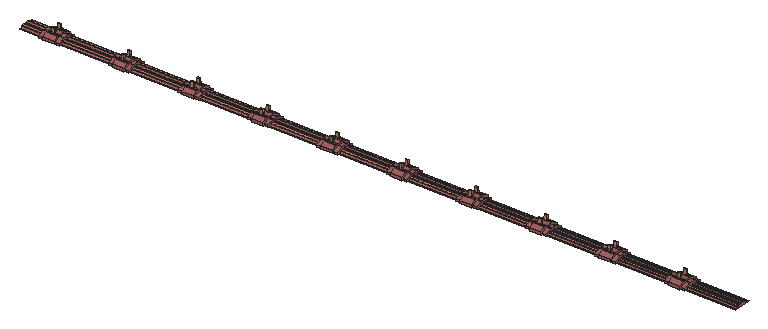
Revit family "BirdControl_Wire_BirdBGone_Jolt2002", category Specialty Equipment, Revit 2019
Family settings
  Round Connector Dimension = Use Diameter
  Part Type = Normal
  OmniClass Number = 23.40.10.14.14.99
  OmniClass Title = Other Manufactured Exterior Specialties
  Cut with Voids When Loaded = No
  Shared = No
  Room Calculation Point = No
Parameters (values of type "Wire System")
  Warranty Duration (Years) = 0
  URL = "http://www.birdbgone.com/"
  Test Data = "http://www.birdbgone.com/bird-control-product-msds"
  Supports_Array [instance] = if(Supports > 1, Supports, 2)  # 10
  Supports [instance] = if(not(Int < Length Div), Int, Int + 1)  # 10
  Spacing = 0' - 7"
  Int [instance] = Length Div  # 10
  Specification = "http://www.arcat.com/sdspecs/htm/10290bir.htm"
  SpecWizard = ""
  Send Message = "http://www.arcat.com/users.pl?action=UserEmail&company=Bird-B-Gone,%20Inc.&coid=38371&rep=147&fax=949-472-3116&mf="
  Sales Information = "http://www.birdbgone.com/bird-control-store/"
  Revision = "R1_10-2010"
  Product Properties = "http://www.arcat.com/bim/bim_info.pl?fn=BirdBGone"
  Product Data = "http://www.arcat.com/arcatcos/cos38/arc38371.html"
  Model = "As Specified in 10 81 19"
  Material = Plastic - Bird B Gone - Polycarbonate - Brick Red
  Manufacturer Website = "http://www.birdbgone.com/"
  Manufacturer Phone - Toll Free = "800-392-6915"
  Manufacturer Phone = "949-472-3122"
  Manufacturer Fax = "949-472-3116"
  Manufacturer Address = "23918 Skyline, Mission Viejo, CA 92692"
  Manufacturer = "Bird-B-Gone, Inc."
  Maintenance Schedule (Months) = 0
  Length Div [instance] = ([built-in parameter 1001306] - 0' 3") / Spacing  # 9.8571
  built-in parameter 1001306 [instance] = 6' - 0"
  Keynote = "10 81 19"
  Installation-Fabrication = "http://www.birdbgone.com/installation-instructions"
  Installation Phase = ""
  Green Building-LEED = "http://www.arcat.com/green/clients/leed_data_38371.html"
  Expected Lifespan (Years) = 0
  Drawn By = "Robert S. Weygant, CSI, CDT, SCIP"
  Description = "Bird Control Equipment as Specified in 10 81 19"
  Copyright = "2010 ARCAT, Inc."
  Construction Details = "http://www.arcat.com/details/birdbgon/birdbgon.html?coid=38371"
  Building Codes = "http://www.birdbgone.com/knowledge-center/"
  Assembly Code = "E1090900"
  Angle_Start [instance] = 0.00°
  Angle_End [instance] = 0.00°
Reference planes (in)
  plane 1 "Center (Front/Back)": y = 0
  plane 2: z = 0
  plane 3 "Left": x = 0
  plane 4 "Right": x = 72
  plane 5 "Wire": z = 1
Forms (in)
  Extrusion 1, void
    sketch origin (0, 0, 0) x (1, 0, 0) y (0, 1, 0)
      loop
        line (72, 1) -> (72, -0.875) -> (85, -0.875) -> (85, 1) -> (72, 1)
    from 0 to 1.38967
  Extrusion 2, void
    sketch origin (0, 0, 0) x (1, 0, 0) y (0, 1, 0)
      loop
        line (-13, 0.89512) -> (-13, -0.82796) -> (0, -0.82796) -> (0, 0.89512) -> (-13, 0.89512)
    from 0 to 1.60875
  Extrusion 3, solid, material "Plastic - Bird B Gone - Polycarbonate - Brick Red" <- "Material"
    sketch origin (0, 0, 0) x (0, 1, 0) y (0, 0, 1)
      loop
        line (-0.8125, 0) -> (0.8125, 0) -> (0.8125, 0.05302)
        arc (0.8125, 0.05302) -> (0.48535, 0.17766) -> (0.14046, 0.23777) r 1.831
        line (0.14046, 0.23777) -> (0.14046, 0.3071)
        arc (0.14046, 0.3071) -> (0, 0.3125) -> (-0.14046, 0.3071) r 1.831
        line (-0.14046, 0.3071) -> (-0.14046, 0.23777)
        arc (-0.14046, 0.23777) -> (-0.48535, 0.17766) -> (-0.8125, 0.05302) r 1.831
        line (-0.8125, 0.05302) -> (-0.8125, 0)
    from -2.40049 to 76.6163
  Extrusion 4, solid, material "Metal - Copper - Bird B Gone"
    sketch origin (0, 0, 0) x (0, 1, 0) y (0, 0, 1)
      loop
        arc (0.36195, 0.20703) -> (0.45768, 0.18504) -> (0.5521, 0.15794) r 1.831
        line (0.5521, 0.15794) -> (0.57274, 0.22062)
        arc (0.57274, 0.22062) -> (0.47505, 0.2498) -> (0.37589, 0.2735) r 1.831
        line (0.37589, 0.2735) -> (0.36195, 0.20703)
      loop
        line (-0.57274, 0.22062) -> (-0.5521, 0.15794)
        arc (-0.5521, 0.15794) -> (-0.45768, 0.18504) -> (-0.36195, 0.20703) r 1.831
        line (-0.36195, 0.20703) -> (-0.37589, 0.2735)
        arc (-0.37589, 0.2735) -> (-0.47505, 0.2498) -> (-0.57274, 0.22062) r 1.831
    from -2.40049 to 76.6163
Cuts and joins
  Extrusion 1, Extrusion 2 cuts Extrusion 3
  Extrusion 1, Extrusion 2 cuts Extrusion 4
Lines and regions (in)
  reference lines
    curve 1: line (0, 0, 0) -> (72, 0, 0)
    curve 2: line (0, 0, 1) -> (0, 1.91806, 1)
    curve 3: line (72, 0, 1) -> (72, 18.5, 1)
Dimensions and locks (in)
  "built-in parameter 1001306": plane 3 "Left" to plane 4 "Right"
  equal spacing: group 1, group 2, group 3, group 4, group 5, group 6, group 7, group 8, group 9, group 10  (x3)
  locked: plane 5 "Wire" to level at 1
  locked: plane 3 "Left" to nested 1 at 3
  locked: plane 4 "Right" to Extrusion 1 sketch curve at 13
  locked: Extrusion 2 sketch curve to plane 3 "Left" at 13
  Extrusion 2 sketch curve to plane 1 "Center (Front/Back)" to Extrusion 2 sketch curve = 0' - 0.82796" locked, 0' - 0.89512" locked
  Extrusion 1 sketch curve to plane 1 "Center (Front/Back)" to Extrusion 1 sketch curve = 0' - 0 7/8" locked, 0' - 1" locked
  locked: plane 4 "Right" to Extrusion 3 at 4.6163
  locked: plane 4 "Right" to Extrusion 4 at 4.6163
  "Spacing": nested 1 to nested 2
  "Angle_End": angle plane 4 "Right" to curve 3
  "Angle_Start": angle plane 3 "Left" to curve 2
  aligned and locked: plane 4 "Right" to curve 1
  aligned and locked: plane 3 "Left" to curve 1
  aligned and locked: Extrusion 1 sketch curve to curve 3
  aligned and locked: Extrusion 2 sketch curve to curve 2
Automatic sketch dimensions
  curve 1 to plane 1 "Center (Front/Back)" = 0' - 0"
  curve 3 to plane 1 "Center (Front/Back)" = 0' - 0"
  curve 3 to plane 4 "Right" = 0' - 0"
  curve 2 to plane 1 "Center (Front/Back)" = 0' - 0"
  curve 2 to plane 3 "Left" = 0' - 0"
  Extrusion 3 sketch curve to Extrusion 3 sketch curve = 0' - 0"  (x2)
  Extrusion 3 sketch curve to level = 0' - 0"
  Extrusion 3 sketch curve to plane 1 "Center (Front/Back)" = 0' - 0"  (x2)
  plane 1 "Center (Front/Back)" to Extrusion 3 sketch curve = 0' - 0.14046"
  Extrusion 3 sketch curve to Extrusion 3 sketch curve = 0' - 0.67204"  (x2)
  Extrusion 3 sketch curve to plane 1 "Center (Front/Back)" = 0' - 0.14046"
  level to Extrusion 3 sketch curve = 0' - 0.05302"
  Extrusion 3 sketch curve to level = 0' - 1.5185"
  Extrusion 3 sketch curve to Extrusion 3 sketch curve = 0' - 0.06934"  (x2)
  Extrusion 3 sketch curve to Extrusion 3 sketch curve = 0' - 0.05302"
  Extrusion 4 sketch curve to Extrusion 4 sketch curve = 0' - 0"  (x4)
  Extrusion 4 sketch curve to plane 1 "Center (Front/Back)" = 0' - 0"  (x2)
  plane 1 "Center (Front/Back)" to Extrusion 4 sketch curve = 0' - 0.36195"
  Extrusion 4 sketch curve to Extrusion 4 sketch curve = 0' - 0.01394"  (x2)
  Extrusion 4 sketch curve to Extrusion 4 sketch curve = 0' - 0.19015"  (x2)
  Extrusion 4 sketch curve to Extrusion 4 sketch curve = 0' - 0.02064"  (x2)
  level to Extrusion 4 sketch curve = 0' - 0 53/256"
  Extrusion 4 sketch curve to plane 1 "Center (Front/Back)" = 0' - 0.36195"
  level to Extrusion 4 sketch curve = 0' - 0.2735"
  level to Extrusion 4 sketch curve = 0' - 0.15794"  (x2)
  level to Extrusion 4 sketch curve = 0' - 0.22062"
  Extrusion 4 sketch curve to Extrusion 4 sketch curve = 0' - 0.06268"
Nested families (in)
  nested 1: "Support_Jolt" at (3, 0, 0) x (0, 1, 0) z (0, 0, 1), Material <- "Material", type "BirdBGone template - Standalone"
    with offset 0' - 0", Unit Height 0' - 0 3/4", Material Plastic - Bird B Gone - Polycarbonate - Brick Red
  nested 2: "Support_Jolt" at (10, 0, 0) x (0, 1, 0) z (0, 0, 1), Material <- "Material", type "BirdBGone template - Standalone"
    with offset 0' - 0", Unit Height 0' - 0 3/4", Material Plastic - Bird B Gone - Polycarbonate - Brick Red
  nested 3: "Support_Jolt" at (17, 0, 0) x (0, 1, 0) z (0, 0, 1), Material <- "Material", type "BirdBGone template - Standalone"
    with offset 0' - 0", Unit Height 0' - 0 3/4", Material Plastic - Bird B Gone - Polycarbonate - Brick Red
  nested 4: "Support_Jolt" at (24, 0, 0) x (0, 1, 0) z (0, 0, 1), Material <- "Material", type "BirdBGone template - Standalone"
    with offset 0' - 0", Unit Height 0' - 0 3/4", Material Plastic - Bird B Gone - Polycarbonate - Brick Red
  nested 5: "Support_Jolt" at (31, 0, 0) x (0, 1, 0) z (0, 0, 1), Material <- "Material", type "BirdBGone template - Standalone"
    with offset 0' - 0", Unit Height 0' - 0 3/4", Material Plastic - Bird B Gone - Polycarbonate - Brick Red
  nested 6: "Support_Jolt" at (38, 0, 0) x (0, 1, 0) z (0, 0, 1), Material <- "Material", type "BirdBGone template - Standalone"
    with offset 0' - 0", Unit Height 0' - 0 3/4", Material Plastic - Bird B Gone - Polycarbonate - Brick Red
  nested 7: "Support_Jolt" at (45, 0, 0) x (0, 1, 0) z (0, 0, 1), Material <- "Material", type "BirdBGone template - Standalone"
    with offset 0' - 0", Unit Height 0' - 0 3/4", Material Plastic - Bird B Gone - Polycarbonate - Brick Red
  nested 8: "Support_Jolt" at (52, 0, 0) x (0, 1, 0) z (0, 0, 1), Material <- "Material", type "BirdBGone template - Standalone"
    with offset 0' - 0", Unit Height 0' - 0 3/4", Material Plastic - Bird B Gone - Polycarbonate - Brick Red
  nested 9: "Support_Jolt" at (59, 0, 0) x (0, 1, 0) z (0, 0, 1), Material <- "Material", type "BirdBGone template - Standalone"
    with offset 0' - 0", Unit Height 0' - 0 3/4", Material Plastic - Bird B Gone - Polycarbonate - Brick Red
  nested 10: "Support_Jolt" at (66, 0, 0) x (0, 1, 0) z (0, 0, 1), Material <- "Material", type "BirdBGone template - Standalone"
    with offset 0' - 0", Unit Height 0' - 0 3/4", Material Plastic - Bird B Gone - Polycarbonate - Brick Red
Definition of nested family "Support_Jolt"
  Parameters
    offset [instance] = 0' - 0"
    Warranty Duration (Years) = 0
    Unit Width = 0' - 7"
    Unit Height [instance] = 0' - 0 3/4"
    Unit Depth = 0' - 0 1/4"
    URL = "http://www.birdbgone.com/"
    Test Data = "http://www.birdbgone.com/bird-control-product-msds"
    Specification = "http://www.arcat.com/sdspecs/htm/10290bir.htm"
    SpecWizard = ""
    Send Message = "http://www.arcat.com/users.pl?action=UserEmail&company=Bird-B-Gone,%20Inc.&coid=38371&rep=147&fax=949-472-3116&mf="
    Sales Information = "http://www.birdbgone.com/bird-control-store/"
    Revision = "R1_10-2010"
    Product Properties = "http://www.arcat.com/bim/bim_info.pl?fn=BirdBGone"
    Product Data = "http://www.arcat.com/arcatcos/cos38/arc38371.html"
    Model = "As Specified in 10 81 19"
    Material [instance] = none
    Manufacturer Website = "http://www.birdbgone.com/"
    Manufacturer Phone - Toll Free = "800-392-6915"
    Manufacturer Phone = "949-472-3122"
    Manufacturer Fax = "949-472-3116"
    Manufacturer Address = "23918 Skyline, Mission Viejo, CA 92692"
    Manufacturer = "Bird-B-Gone, Inc."
    Maintenance Schedule (Months) = 0
    Keynote = "10 81 19"
    Installation-Fabrication = "http://www.birdbgone.com/installation-instructions"
    Installation Phase = ""
    Green Building-LEED = "http://www.arcat.com/green/clients/leed_data_38371.html"
    Expected Lifespan (Years) = 0
    Drawn By = "Robert S. Weygant, CSI, CDT, SCIP"
    Description = "Bird Control Equipment as Specified in 10 81 19"
    Copyright = "wt"
    Construction Details = "http://www.arcat.com/details/birdbgon/birdbgon.html?coid=38371"
    Building Codes = "http://www.birdbgone.com/knowledge-center/"
    Assembly Code = "E1090900"
  Reference planes (in)
    plane 1 "Center (Front/Back)": y = 0
    plane 2 "Bottom": z = 0
    plane 3 "Center (Left/Right)": x = 0
  Forms (in)
    Extrusion 1, solid, material <- "Material"
      sketch origin (0, 0, 0) x (1, 0, 0) y (0, 0, 1)
        loop
          line (-0.90625, 0) -> (-0.8125, 0) -> (-0.8125, 0.05302)
          arc (-0.8125, 0.05302) -> (-0.68431, 0.11048) -> (-0.5521, 0.15794) r 1.831
          line (-0.5521, 0.15794) -> (-0.57274, 0.22062)
          arc (-0.57274, 0.22062) -> (-0.47505, 0.2498) -> (-0.37589, 0.2735) r 1.831
          line (-0.37589, 0.2735) -> (-0.36195, 0.20703)
          arc (-0.36195, 0.20703) -> (-0.25167, 0.22578) -> (-0.14046, 0.23777) r 1.831
          line (-0.14046, 0.23777) -> (-0.14046, 0.3071)
          arc (-0.14046, 0.3071) -> (0, 0.3125) -> (0.14046, 0.3071) r 1.831
          line (0.14046, 0.3071) -> (0.14046, 0.23777)
          arc (0.14046, 0.23777) -> (0.25167, 0.22578) -> (0.36195, 0.20703) r 1.831
          line (0.36195, 0.20703) -> (0.37589, 0.2735)
          arc (0.37589, 0.2735) -> (0.47505, 0.2498) -> (0.57274, 0.22062) r 1.831
          line (0.57274, 0.22062) -> (0.5521, 0.15794)
          arc (0.5521, 0.15794) -> (0.68431, 0.11048) -> (0.8125, 0.05302) r 1.831
          line (0.8125, 0.05302) -> (0.8125, 0) -> (0.90625, 0) -> (0.90625, 0.16592) -> (0.25447, 0.39035) -> (0.25447, 0.4375) -> (-0.25447, 0.4375) -> (-0.25447, 0.39035) -> (-0.90625, 0.16592) -> (-0.90625, 0)
      from -1.03125 to 1.03125
    Extrusion 2, solid, material <- "Material"
      sketch origin (0, 0, 0) x (1, 0, 0) y (0, 0, 1)
        loop
          line (0.90625, 0) -> (1, 0) -> (1, 0.23279) -> (0.51456, 0.47067) -> (0.30916, 0.47067) -> (0.30916, 0.53125) -> (-0.30916, 0.53125) -> (-0.30916, 0.47067) -> (-0.51456, 0.47067) -> (-1, 0.23279) -> (-1, 0) -> (-0.90625, 0) -> (-0.90625, 0.16592) -> (-0.25447, 0.39035) -> (-0.25447, 0.4375) -> (0.25447, 0.4375) -> (0.25447, 0.39035) -> (0.90625, 0.16592) -> (0.90625, 0)
      from -0.57813 to 0.57813
    Extrusion 3, solid
      sketch origin (0, 0, 0) x (0, 1, 0) y (0, 0, -1)
        loop
          line (0.1367, -1.0625) -> (0.1367, -0.73073) -> (0.17354, -0.73073) -> (0.17354, -0.69198) -> (0.03867, -0.53125) -> (0.24738, -0.53125) -> (0.24738, -0.47067) -> (-0.24738, -0.47067) -> (-0.24738, -0.53125) -> (-0.03867, -0.53125) -> (-0.17354, -0.69198) -> (-0.17354, -0.73073) -> (-0.1367, -0.73073) -> (-0.1367, -1.0625) -> (0.1367, -1.0625)
      from 0.40625 to 0.34375
    Extrusion 4, solid
      sketch origin (0, 0, 0) x (0, 1, 0) y (0, 0, 1)
        loop
          line (0.1367, 1.0625) -> (-0.1367, 1.0625) -> (-0.1367, 0.73073) -> (-0.17354, 0.73073) -> (-0.17354, 0.69198) -> (-0.03867, 0.53125) -> (-0.24738, 0.53125) -> (-0.24738, 0.47067) -> (0.24738, 0.47067) -> (0.24738, 0.53125) -> (0.03867, 0.53125) -> (0.17354, 0.69198) -> (0.17354, 0.73073) -> (0.1367, 0.73073) -> (0.1367, 1.0625)
      from 0.40625 to 0.34375
